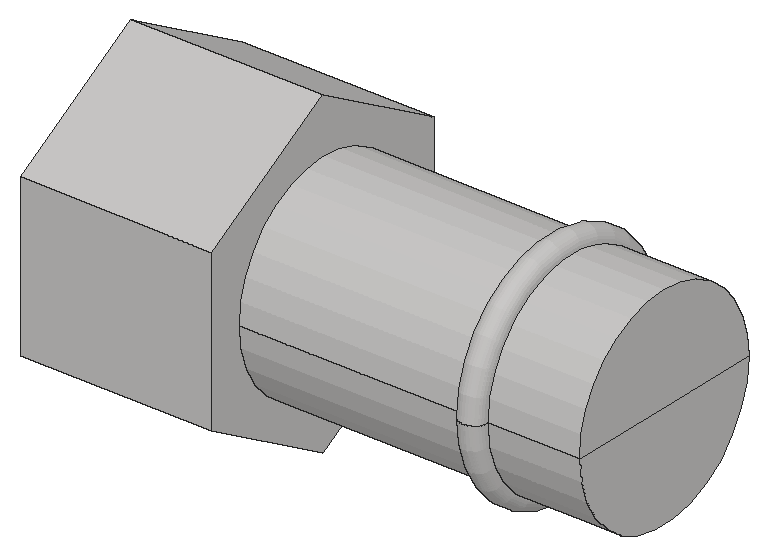
Revit family "StraightCoupler-FemaleThread-B-Inox-Conex-15-54mm-PS4270G", category Pipe Fittings, Revit 2019
Family settings
  Round Connector Dimension = Use Diameter
  Part Type = Union
  OmniClass Number = 23.60.30.11.14
  OmniClass Title = Pipework Fittings
  Work Plane-Based = No
  Always vertical = Yes
  Cut with Voids When Loaded = No
  Shared = No
Parameters (values of type "Standard")
  Z [instance] = size_lookup(Lookup Table Name, "Z", L * 0.25, NominalDiameter, RP)  # 13.00 mm
  Weight_KG/Ea [instance] = size_lookup(Lookup Table Name, "WT", 0, NominalDiameter, RP)  # 0.065
  Uniformat IIElements = "TBC"
  URL = "http://www.conexbanninger.com/search.php?brands_id=34"
  Type Comments = "TBC"
  SerialNumber [instance] = ""
  S [instance] = size_lookup(Lookup Table Name, "S", NominalDiameter * 1.25, NominalDiameter, RP)  # 26.00 mm
  RingThickness [instance] = if(NominalDiameter < 40.00 mm, 2.50 mm, 4.00 mm)  # 2.50 mm
  RingCenter [instance] = (L - (L1 + Z)) * 0.45  # 9.90 mm
  RP [instance] = 12.70 mm
  ProductCode [instance] = if(and(NominalDiameter = 15.00 mm, RP = 12.70 mm), "PS 4270G 0150400", if(and(NominalDiameter = 18.00 mm, RP = 12.70 mm), "PS 4270G 0180400", if(and(NominalDiameter = 18.00 mm, RP = 19.05 mm), "PS 4270G 0180600", if(and(NominalDiameter = 22.00 mm, RP = 12.70 mm), "PS 4270G 0220400", if(and(NominalDiameter = 22.00 mm, RP = 19.05 mm), "PS 4270G 0220600", if(and(NominalDiameter = 22.00 mm, RP = 25.40 mm), "PS 4270G 0220800", if(and(NominalDiameter = 28.00 mm, RP = 19.05 mm), "PS 4270G 0280600", if(and(NominalDiameter = 28.00 mm, RP = 25.40 mm), "PS 4270G 0280800", if(and(NominalDiameter = 35.00 mm, RP = 31.75 mm), "PS 4270G 0351000", if(and(NominalDiameter = 42.00 mm, RP = 38.10 mm), "PS 4270G 0421200", if(and(NominalDiameter = 54.00 mm, RP = 50.80 mm), "PS 4270G 0541600", "ProductCode NA")))))))))))  # "PS 4270G 0180400"
  OmniclassProducts = "TBC"
  NominalDiameter [instance] = 18.00 mm
  NATSPECWorkSection = "TBC"
  ModifiedIssue_ANZRS = 20161229.54  # constant formula
  Model Version = "2015"
  Model Status [instance] = ""
  Model Specification = "BMA"
  Model = "Straight Coupler with Female Thread"  # constant formula
  Material = Stainless Steel AISI 317
  Mark [instance] = ""
  Manufacturer = "Conex | Bänninger"  # constant formula
  Loss Method = Not Defined
  Lookup Table Name = "StraightCoupler-FemaleThread-B-Inox-Conex-15-54mm-PS4270G"
  L1 [instance] = size_lookup(Lookup Table Name, "L1", L * 0.3, NominalDiameter, RP)  # 15.00 mm
  L [instance] = size_lookup(Lookup Table Name, "L", NominalDiameter * 1.75, NominalDiameter, RP)  # 50.00 mm
  K Coefficient Table = "Reducer/Coupling/Union/Increaser"
  built-in parameter 1114238 [instance] = not(0.00 mm < size_lookup(Lookup Table Name, "L", 0.00 mm, NominalDiameter, RP))  # (empty or 0)
  FittingOutsideDiameter [instance] = NominalDiameter * 1.1  # 19.80 mm
  FinalHHWFlow [instance] = 0.0 L/s
  Description = ">B< Press Inox is a quick and simple to install flame-free fitting, manufactured using high quality hygienic stainless steel materials, suitable for multiple applications."  # constant formula
  CustomFitting [instance] = not(0.00 mm < size_lookup(Lookup Table Name, "L", 0.00 mm, NominalDiameter, RP))  # no
  CreatedBy_ANZRS = "A2K Technologies"  # constant formula
  CreatedByURL_ANZRS = "http://www.bimmepaus.com.au/"
  Assembly Code = "D2090800"
Reference planes
  plane 1 "Center (Front/Back)": y = 0
  plane 2: z = 0
  plane 3 "Center (Left/Right)": x = 0
  plane 4 "L1": x = -15
  plane 5 "Z": x = 13
  plane 6: y = 9
  plane 7: y = -9
  plane 8 "L": x = 35
  plane 9: x = 3
  plane 10: y = 9.9
  plane 11: y = -9.9
  plane 12 "RingCenter": x = 25.1
Forms (mm)
  Revolve 1, solid, material "Stainless Steel AISI 317" <- "Material", detail levels fine
    sketch origin (0, 0, 0) x (1, 0, 0) y (0, 1, 0)
      loop
        line (35, 9.9) -> (0, 9.9) -> (0, 0) -> (35, 0) -> (35, 9.9)
      axis (0, 0) -> (35, 0)
    angle from 0 to 360
  Revolve 2, solid, material "Stainless Steel AISI 317" <- "Material", detail levels fine
    sketch origin (0, 0, 0) x (1, 0, 0) y (0, 1, 0)
      loop
        line (23.85, 0) -> (26.35, 0) -> (26.35, 9.9)
        arc (26.35, 9.9) -> (25.1, 11.15) -> (23.85, 9.9) r 1.25
        line (23.85, 9.9) -> (23.85, 0)
      axis (23.85, 0) -> (26.35, 0)
    angle from 0 to 360
  Extrusion 3, solid, material "Stainless Steel AISI 317" <- "Material", detail levels fine
    sketch origin (-15, 27.671, 1200) x (0, 1, 0) y (0, 0, 1)
      loop
        line (-27.671, -1184.989) -> (-40.671, -1192.494) -> (-40.671, -1207.506) -> (-27.671, -1215.011) -> (-14.671, -1207.506) -> (-14.671, -1192.494) -> (-27.671, -1184.989)
    from 0 to 18
Cuts and joins
  joined: Revolve 1, Revolve 2, Extrusion 3
Lines and regions (mm)
  model lines, detail levels coarse+medium
    curve 1: line (0, 9, 0) -> (-15, 9, 0)
    curve 2: line (0, -9, 0) -> (0, 9, 0)
    curve 3: line (-15, -9, 0) -> (0, -9, 0)
    curve 4: line (13, -9, 0) -> (35, -9, 0)
    curve 5: line (13, 9, 0) -> (13, -9, 0)
    curve 6: line (35, 9, 0) -> (13, 9, 0)
    curve 7: line (0, 0, 0) -> (13, 0, 0)
Dimensions and locks
  equal spacing: plane 7, plane 1 "Center (Front/Back)", plane 6
  "L1": plane 4 "L1" to plane 3 "Center (Left/Right)"
  "Z": plane 3 "Center (Left/Right)" to plane 5 "Z"
  "L": plane 4 "L1" to plane 8 "L"
  "NominalDiameter": plane 6 to plane 7
  locked: plane 3 "Center (Left/Right)" to plane 9 at 3
  equal spacing: plane 10, plane 1 "Center (Front/Back)", plane 11
  "FittingOutsideDiameter": plane 10 to plane 11
  "RingCenter": plane 12 "RingCenter" to plane 8 "L"
  equal spacing: Revolve 2 sketch curve, plane 12 "RingCenter", Revolve 2 sketch curve
  "RingThickness": Revolve 2 sketch curve to Revolve 2 sketch curve
  equal spacing: Extrusion 3 sketch curve, plane 2, Extrusion 3 sketch curve
  "S": Extrusion 3 sketch curve to Extrusion 3 sketch curve  (x3)
  equal spacing: Extrusion 3 sketch curve, plane 1 "Center (Front/Back)", Extrusion 3 sketch curve  (x2)
  locked: plane 1 "Center (Front/Back)" to connector elem
  locked: connector elem to plane 2 at 0
  locked: connector elem to plane 1 "Center (Front/Back)" at 0
  locked: connector elem to plane 2
  "RingThickness": diameter of Revolve 2 sketch curve
  locked: Extrusion 3 sketch curve to Extrusion 3 sketch curve (angle 120.00°)  (x5)
  aligned and locked: plane 2 to level
  aligned and locked: plane 10 to Revolve 1 sketch curve
  aligned and locked: plane 8 "L" to Revolve 1 sketch curve
  aligned and locked: plane 1 "Center (Front/Back)" to Revolve 1 sketch curve  (x2)
  aligned and locked: Revolve 1 sketch curve to plane 3 "Center (Left/Right)"
  aligned and locked: plane 10 to Revolve 2 sketch curve
  aligned and locked: plane 1 "Center (Front/Back)" to Revolve 2 sketch curve  (x2)
  aligned and locked: Extrusion 3 to plane 4 "L1"
  aligned and locked: plane 9 to Extrusion 3
  aligned and locked: plane 6 to curve 1
  aligned and locked: plane 3 "Center (Left/Right)" to curve 2
  aligned and locked: curve 3 to plane 7
  aligned and locked: plane 4 "L1" to curve 1
  aligned and locked: plane 4 "L1" to curve 3
  aligned and locked: curve 4 to plane 7
  aligned and locked: curve 5 to plane 5 "Z"
  aligned and locked: plane 6 to curve 6
  aligned and locked: plane 8 "L" to curve 6
  aligned and locked: plane 8 "L" to curve 4
  aligned and locked: plane 1 "Center (Front/Back)" to curve 7
  aligned and locked: plane 5 "Z" to curve 7
  aligned and locked: plane 3 "Center (Left/Right)" to curve 7
Automatic sketch dimensions
  Revolve 1 sketch curve to Revolve 1 sketch curve = 10.00 mm
  Revolve 1 sketch curve to Revolve 1 sketch curve = 15.00 mm
  Revolve 2 sketch curve to plane 8 "L" = 8.254 mm
  plane 8 "L" to Revolve 2 sketch curve = 6.746 mm
Connectors
  piping at (0, 0, 0), diameter 12.7, driven by "RP"
    settings: on plane 3 "Center (Left/Right)", index 1, connector inside diameter 609.6 mm, connector length 0.00 mm, flow factor 0, pipe flow 0.0 L/s, pressure drop 0.0 Pa, fitting loss kfactor 0, connector angle 0.00°, fixture units 0, engagement length 0.00 mm, angle of deflection 0.00°, flow configuration 0, flow direction 0, fitting loss method 0, system type 28, joint type 0, gender type 0, connector reference index 2, connector utility 0, adjustable connector no, is connector primary no, connector description ""
  piping at (13, 0, 0), diameter 18, driven by "NominalDiameter"
    settings: on plane 5 "Z", index 2, connector inside diameter 609.6 mm, connector length 0.00 mm, flow factor 0, pipe flow 0.0 L/s, pressure drop 0.0 Pa, fitting loss kfactor 0, connector angle 0.00°, fixture units 0, engagement length 0.00 mm, angle of deflection 0.00°, flow configuration 0, flow direction 0, fitting loss method 0, system type 28, joint type 0, gender type 0, connector reference index 1, connector utility 0, adjustable connector no, is connector primary yes, connector description ""
